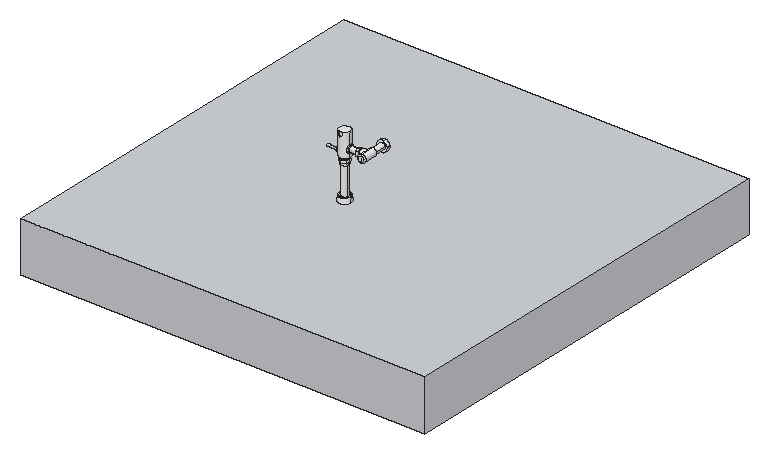
Revit family (continued)
Dimensions and locks (in)
  aligned and locked: curve 106 to cut or joined group 1 (Revolve 9, Blend 10, Revolve 11, Revolve 12, Blend 13, Blend 14, Blend 15, Revolve 16, Blend 17, Blend 18, Extrusion 22)
  aligned and locked: curve 107 to Masking region 1
  aligned and locked: curve 108 to Masking region 1
  aligned and locked: curve 109 to cut or joined group 1
  aligned and locked: curve 110 to cut or joined group 1
  aligned and locked: curve 111 to cut or joined group 1
  aligned and locked: curve 112 to cut or joined group 1
  aligned and locked: curve 113 to cut or joined group 1
  aligned and locked: curve 114 to cut or joined group 1
Automatic sketch dimensions
  Extrusion 1 sketch curve to Extrusion 1 sketch curve = 8' - 0"  (x2)
  plane 5 to Blend 15 sketch curve = 0' - 0"  (x2)
  Blend 15 sketch curve to plane 6 "Front/Back Center" = 0' - 0"  (x2)
  Blend 2 sketch curve to plane 4 = 0' - 0"  (x2)
  plane 6 "Front/Back Center" to Blend 2 sketch curve = 0' - 0"  (x2)
  Blend 3 sketch curve to plane 4 = 0' - 0"  (x2)
  plane 6 "Front/Back Center" to Blend 3 sketch curve = 0' - 0"  (x2)
  Blend 3 sketch curve to Blend 3 sketch curve = 0' - 0"  (x2)
  plane 4 to Blend 3 sketch curve = 0' - 0.74995"
  Blend 4 sketch curve to plane 4 = 0' - 0"  (x2)
  plane 6 "Front/Back Center" to Blend 4 sketch curve = 0' - 0"  (x2)
  Blend 5 sketch curve to plane 4 = 0' - 0"  (x2)
  plane 6 "Front/Back Center" to Blend 5 sketch curve = 0' - 0"  (x2)
  Blend 6 sketch curve to plane 4 = 0' - 0"  (x2)
  plane 6 "Front/Back Center" to Blend 6 sketch curve = 0' - 0"  (x2)
  plane 4 to Revolve 7 sketch curve = 0' - 0"  (x2)
  Revolve 7 sketch curve to plane 13 = 0' - 0"
  plane 4 to Revolve 7 sketch curve = 0' - 0.86594"
  Revolve 7 sketch curve to Revolve 7 sketch curve = 0' - 0.03951"
  Revolve 7 sketch curve to plane 14 = 0' - 0.00305"
  Revolve 7 sketch curve to plane 14 = 0' - 0.00609"
  Blend 8 sketch curve to plane 4 = 0' - 0"  (x2)
  plane 6 "Front/Back Center" to Blend 8 sketch curve = 0' - 0"  (x2)
  plane 4 to Revolve 9 sketch curve = 0' - 0"  (x2)
  Revolve 9 sketch curve to plane 16 = 0' - 0"
  plane 4 to Revolve 9 sketch curve = 0' - 0.86664"
  Revolve 9 sketch curve to Revolve 9 sketch curve = 0' - 0.32796"
  Revolve 9 sketch curve to Revolve 9 sketch curve = 0' - 0.01711"
  Blend 10 sketch curve to plane 4 = 0' - 0"  (x2)
  plane 6 "Front/Back Center" to Blend 10 sketch curve = 0' - 0"  (x2)
  plane 4 to Revolve 11 sketch curve = 0' - 0"
  plane 18 to Revolve 11 sketch curve = 0' - 0.05546"
  Revolve 11 sketch curve to Revolve 11 sketch curve = 0' - 0"  (x3)
  Revolve 11 sketch curve to Revolve 11 sketch curve = 0' - 0.05908"
  Revolve 11 sketch curve to Revolve 11 sketch curve = 0' - 1.75628"
  Revolve 11 sketch curve to Revolve 11 sketch curve = 0' - 0.66375"
  Revolve 11 sketch curve to Revolve 11 sketch curve = 0' - 0.03401"
  Revolve 11 sketch curve to plane 18 = 0' - 0.04916"
  Revolve 11 sketch curve to plane 18 = 0' - 0.11735"
  Revolve 11 sketch curve to Revolve 11 sketch curve = 0' - 0.02966"
  Revolve 11 sketch curve to Revolve 11 sketch curve = 0' - 0.2224"
  plane 4 to Revolve 12 sketch curve = 0' - 0"  (x2)
  plane 20 to Revolve 12 sketch curve = 0' - 0"
  Revolve 12 sketch curve to plane 5 = 0' - 0"  (x2)
  plane 19 to Revolve 12 sketch curve = 0' - 0"
  plane 20 to Revolve 12 sketch curve = 0' - 0.24409"
  plane 20 to Revolve 12 sketch curve = 0' - 0.08659"
  plane 19 to Revolve 12 sketch curve = 0' - 0.07492"
  Revolve 12 sketch curve to Revolve 12 sketch curve = 0' - 0.05124"
  Blend 13 sketch curve to plane 6 "Front/Back Center" = 0' - 0"  (x4)
  Blend 13 sketch curve to plane 22 = 0' - 0.33131"  (x2)
  plane 25 to Blend 13 sketch curve = 0' - 0.73402"  (x2)
  Blend 13 sketch curve to plane 5 = 0' - 0.47188"  (x4)
  Blend 14 sketch curve to plane 17 "Top" = 0' - 0.03972"  (x2)
  plane 4 to Blend 14 sketch curve = 0' - 0 115/256"
  Blend 14 sketch curve to plane 4 = 0' - 0.00005"  (x2)
  plane 17 "Top" to Blend 14 sketch curve = 0' - 0.57066"  (x2)
  plane 4 to Blend 14 sketch curve = 0' - 0.41667"
  plane 5 to Revolve 16 sketch curve = 0' - 0"  (x2)
  Revolve 16 sketch curve to plane 24 = 0' - 0"
  Revolve 16 sketch curve to plane 25 = 0' - 0"
  plane 24 to Revolve 16 sketch curve = 0' - 0.00608"
  plane 26 to Revolve 16 sketch curve = 0' - 0.14805"
  plane 22 to Revolve 16 sketch curve = 0' - 0.0308"
  Revolve 16 sketch curve to plane 25 = 0' - 0.63502"
  Blend 17 sketch curve to plane 3 "Center (Left/Right)" = 0' - 0"  (x2)
  Blend 17 sketch curve to plane 5 = 0' - 0"  (x2)
  Blend 18 sketch curve to plane 3 "Center (Left/Right)" = 0' - 0"  (x2)
  Blend 18 sketch curve to plane 5 = 0' - 0"  (x2)
  plane 6 "Front/Back Center" to Blend 19 sketch curve = 0' - 0"  (x4)
  Blend 19 sketch curve to plane 4 = 0' - 0"  (x4)
  plane 4 to Blend 19 sketch curve = 0' - 1.03333"  (x2)
  plane 20 to Blend 19 sketch curve = 0' - 0.47056"  (x2)
  Blend 19 sketch curve to plane 22 = 0' - 0.55205"  (x4)
  plane 22 to Blend 19 sketch curve = 0' - 0.04455"  (x2)
  Blend 19 sketch curve to plane 6 "Front/Back Center" = 0' - 0.59659"  (x4)
  plane 25 to Blend 19 sketch curve = 0' - 0.35816"  (x2)
  plane 6 "Front/Back Center" to Blend 20 sketch curve = 0' - 0"  (x4)
  plane 4 to Blend 20 sketch curve = 0' - 1.1023"  (x2)
  plane 4 to Blend 20 sketch curve = 0' - 0.55115"  (x4)
  Blend 20 sketch curve to plane 22 = 0' - 0.19402"  (x2)
  Blend 20 sketch curve to plane 4 = 0' - 0.55115"  (x4)
  plane 20 to Blend 20 sketch curve = 0' - 0.40159"  (x2)
  plane 25 to Blend 20 sketch curve = 0' - 0.59673"  (x2)
  Revolve 12 sketch curve to plane 5 = 0' - 0.65644"
  Blend 13 sketch curve to plane 5 = 0' - 0.94377"  (x2)
  Revolve 11 sketch curve to Revolve 11 sketch curve = 0' - 0.21521"
  Revolve 11 sketch curve to Revolve 11 sketch curve = 0' - 0.11592"
  Revolve 11 sketch curve to plane 16 = 0' - 0.69742"
  Revolve 11 sketch curve to Revolve 11 sketch curve = 0' - 0.50191"
  plane 5 to Blend 13 sketch curve = 0' - 0.47188"  (x4)
  Blend 13 sketch curve to plane 16 = 0' - 0.86794"  (x2)
  Masking region 2 sketch curve to Masking region 2 sketch curve = 0' - 0"  (x2)
  Masking region 2 sketch curve to Masking region 2 sketch curve = 0' - 0.63459"
  plane 20 to Masking region 2 sketch curve = 0' - 0.09162"  (x2)
  plane 6 "Front/Back Center" to Masking region 2 sketch curve = 0' - 0"
  Masking region 2 sketch curve to plane 30 = 0' - 0"
  curve 54 to plane 3 "Center (Left/Right)" = 0' - 0"
  plane 6 "Front/Back Center" to curve 63 = 0' - 0"
  plane 6 "Front/Back Center" to curve 64 = 0' - 0"
  curve 65 to curve 69 = 0' - 0.20786"
  curve 68 to curve 75 = 0' - 0.13032"
  plane 20 to curve 73 = 0' - 0.58891"
  curve 74 to plane 22 = 0' - 0.28351"
  curve 68 to curve 73 = 0' - 0.14227"
  curve 69 to curve 74 = 0' - 0.14236"
  curve 53 to plane 21 = 0' - 0.22211"
  curve 56 to plane 21 = 0' - 0.5972"
  curve 55 to plane 21 = 0' - 0.5972"
  plane 3 "Center (Left/Right)" to curve 54 = 0' - 0.87491"
  plane 3 "Center (Left/Right)" to curve 53 = 0' - 1 1/4"
  curve 56 to plane 22 = 0' - 0.31308"
  curve 74 to curve 62 = 0' - 0.15745"
  curve 63 to curve 73 = 0' - 0.15798"
  curve 57 to curve 56 = 0' - 0.01823"
  curve 85 to plane 6 "Front/Back Center" = 0' - 0"
  curve 82 to plane 6 "Front/Back Center" = 0' - 0"
  curve 84 to plane 22 = 0' - 0.2827"
  curve 83 to curve 84 = 0' - 0.0007"
  curve 86 to curve 84 = 0' - 0.03951"
  curve 87 to curve 86 = 0' - 0.03924"
  curve 91 to plane 22 = 0' - 0.19402"
  curve 90 to plane 22 = 0' - 0.16455"
  plane 22 to curve 88 = 0' - 0.04455"
  plane 22 to curve 89 = 0' - 0.04455"
  curve 81 to plane 23 = 0' - 0.00613"
  plane 23 to curve 92 = 0' - 0.11553"
  curve 93 to curve 84 = 0' - 0.26934"
  curve 84 to curve 82 = 0' - 0.0007"
  curve 84 to curve 85 = 0' - 0.03951"
  curve 85 to curve 87 = 0' - 0.03924"
  plane 25 to curve 91 = 0' - 0.59673"
  plane 25 to curve 90 = 0' - 0.56726"
  curve 87 to curve 88 = 0' - 0.2485"
  plane 25 to curve 89 = 0' - 0.35816"
  plane 25 to curve 81 = 0' - 0.29176"
  plane 25 to curve 92 = 0' - 0.1701"
  curve 77 to plane 16 = 0' - 0.56171"
  plane 5 to curve 78 = 0' - 0.87491"
  curve 77 to plane 5 = 0' - 1 1/4"
  plane 25 to curve 79 = 0' - 0.29176"
  curve 79 to plane 5 = 0' - 0.87491"
  curve 80 to plane 23 = 0' - 0.00542"
  curve 80 to plane 5 = 0' - 0.87491"
  plane 5 to curve 80 = 0' - 0.87491"
  plane 5 to curve 79 = 0' - 0.87491"
  Masking region 5 sketch curve to plane 59 "Front" = 0' - 0.00056"
  Masking region 5 sketch curve to plane 22 = 0' - 0.07427"
  Masking region 5 sketch curve to plane 14 = 0' - 0.03986"
  plane 138 to Masking region 5 sketch curve = 0' - 0.0901"
  plane 12 to Masking region 5 sketch curve = 0' - 0.00053"
  plane 15 to Masking region 5 sketch curve = 0' - 0.01722"  (x2)
  curve 78 to plane 5 = 0' - 0.87491"
  plane 25 to curve 95 = 0' - 0.29176"
  plane 25 to curve 96 = 0' - 0.29176"
  curve 96 to plane 23 = 0' - 0.00542"
  curve 95 to plane 23 = 0' - 0.00542"
  Masking region 1 sketch curve to Masking region 1 sketch curve = 0' - 0"
  plane 74 to Masking region 1 sketch curve = 0' - 0"  (x2)
  Masking region 1 sketch curve to plane 13 = 0' - 0"  (x2)
  Masking region 1 sketch curve to plane 14 = 0' - 0"  (x2)
  Masking region 1 sketch curve to plane 16 = 0' - 0"
  plane 19 to Masking region 1 sketch curve = 0' - 0"  (x2)
  plane 21 to Masking region 1 sketch curve = 0' - 0"  (x2)
  Masking region 1 sketch curve to plane 3 "Center (Left/Right)" = 0' - 0"
  Masking region 1 sketch curve to plane 7 = 0' - 0"
  Masking region 1 sketch curve to plane 8 = 0' - 0"  (x2)
  Masking region 1 sketch curve to plane 9 = 0' - 0"  (x2)
  Masking region 1 sketch curve to plane 10 = 0' - 0"  (x2)
  Masking region 1 sketch curve to plane 11 = 0' - 0"  (x2)
  Masking region 1 sketch curve to plane 12 = 0' - 0"  (x2)
  Masking region 1 sketch curve to plane 15 = 0' - 0"  (x2)
  plane 107 to Masking region 1 sketch curve = 0' - 0.15945"
  Masking region 1 sketch curve to plane 76 = 0' - 0.63023"
  Masking region 1 sketch curve to plane 76 = 0' - 0.00019"
  Masking region 1 sketch curve to plane 75 = 0' - 0.00862"  (x2)
  Masking region 1 sketch curve to plane 61 = 0' - 0.00005"
  Masking region 1 sketch curve to plane 61 = 0' - 0.05247"
  Masking region 1 sketch curve to plane 14 = 0' - 0.00766"
  Masking region 1 sketch curve to plane 83 = 0' - 0.00043"
  plane 81 to Masking region 1 sketch curve = 0' - 0.00956"
  Masking region 1 sketch curve to plane 77 = 0' - 0.00004"
  Extrusion 21 sketch curve to plane 58 "Left" = 0' - 0"
  plane 59 "Front" to Extrusion 21 sketch curve = 0' - 0"
  Extrusion 21 sketch curve to plane 60 "Right" = 0' - 0"
  plane 1 "Back" to Extrusion 21 sketch curve = 0' - 0"
  plane 21 to curve 107 = 0' - 0"
  plane 21 to curve 108 = 0' - 0"
  curve 100 to curve 98 = 0' - 0.47188"
  curve 97 to curve 98 = 0' - 0.47188"
  curve 99 to curve 100 = 0' - 0.47188"
  curve 99 to curve 97 = 0' - 0.47188"
  radius of Blend 15 sketch curve = 0' - 0.83556"  (x2)
  radius of Blend 2 sketch curve = 0' - 1.50584"
  radius of Blend 2 sketch curve = 0' - 1.38125"
  radius of Blend 3 sketch curve = 0' - 0.74995"
  radius of Blend 4 sketch curve = 0' - 0.98409"  (x2)
  radius of Blend 5 sketch curve = 0' - 0.94469"  (x2)
  radius of Blend 6 sketch curve = 0' - 0.94469"
  radius of Blend 6 sketch curve = 0' - 0.90545"
  radius of Blend 8 sketch curve = 0' - 0.86594"  (x2)
  radius of Blend 10 sketch curve = 0' - 1.25958"  (x2)
  radius of Blend 17 sketch curve = 0' - 0.688"  (x2)
  radius of Blend 18 sketch curve = 0' - 1.27845"
  radius of Blend 18 sketch curve = 0' - 1 1/4"
Connectors (in)
  piping at (0, 0, 11.41556), driven by "Cold Water Radius", driven by "CW Connection", driven by "Cold Water Connector", driven by "Flush Rate", driven by "CWFU"
    settings: on cut or joined group 1, index 1, connector radius 0.688", flow factor 0, pipe flow 1.6 GPM, pressure drop 0.00 psi, fitting loss kfactor 0, connector angle 0.00°, fixture units 0, flow configuration 3, flow direction 1, fitting loss method 0, system type 20, connector reference index -1, connector utility 1, adjustable connector yes, is connector primary yes, fitting loss table "", connector description "Cold Water Connection"
